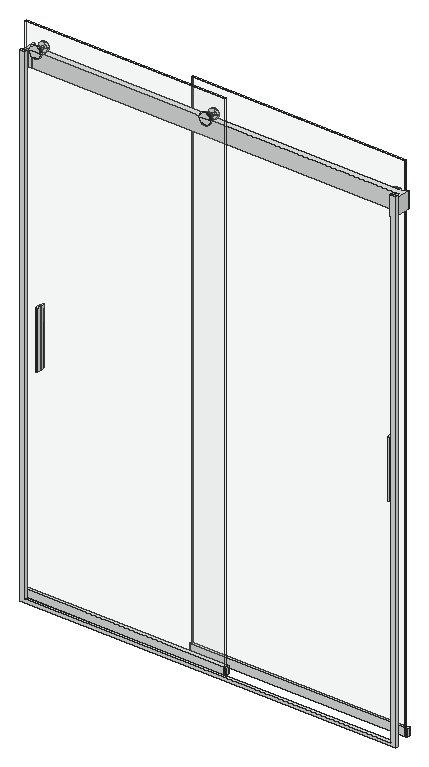
Revit family "Shower-Shower_Door-KOHLER-Levity-K-706013_1", category Specialty Equipment, host Face, Revit 2015
Parameters (values of type "SHP - Bright Polished Silver")
  Width [instance] = 59 5/8"
  URL = "https://www.us.kohler.com/us/"
  Type = 1
  Product Page URL = "http://www.us.kohler.com/us/catalog/productDetails.jsp?productNumber=706013-L"
  Product Name = "Levity"  # constant formula
  Product Documentation Link = "http://www.us.kohler.com/onlinecatalog/pdf/K-706013-L_spec.pdf"
  Model = if(Type = 1, "K-706013-L-SHP", if(Type = 2, "K-706013-L-NX", if(Type = 3, "K-706013-L-ABV", if(Type = 4, "K-706013-L-ABZ", "NA"))))  # "K-706013-L-SHP"
  Material = "Anodized Aluminum"  # constant formula
  MasterFormat 2004 = "10.28.13"  # constant formula
  MasterFormat 1995 = "10820"  # constant formula
  Manufacturer Address = "444 Highland Dr, Kohler, WI 53044"  # constant formula
  Manufacturer = "KOHLER Co."  # constant formula
  Length = 3 1/16"  # constant formula
  Height = 82"  # constant formula
  Glass Material = Kohler-Glass-L-Crystal_Clear
  Finish = Kohler-Metal-SHP-Bright_Polished_Silver
  Environmental Product Declaration = ""
  Description = "Sliding shower door, 82 inch H x 56-5/8 - 59-5/8 inch W, with 3/8 inch thick Crystal Clear glass and blade handles"  # constant formula
  Default Elevation = 0"
  Declare Label = ""
  Date Modified = "10/31/2018"  # constant formula
  Date Created = "10/31/2018"  # constant formula
  Copyright = "Copyright KOHLER Co."  # constant formula
  Contact Us = "https://www.us.kohler.com/us/static/contact.jsp"
  Assembly Code = "C1030200"
  ADA Compliant = 1 = 0  # no
Reference planes (in)
  plane 1 "Center (Front/Back)": y = 0
  plane 2: z = 0
  plane 3 "Center (Left/Right)": x = 0
  plane 4: y = -3.0625
  plane 5: x = -28.3125
  plane 6: x = 31.3125
  plane 7: z = 82
Dimensions and locks (in)
  "Length": plane 4 to plane 1 "Center (Front/Back)"
  "Width": plane 5 to plane 6
  "Height": plane 7 to level
  aligned and locked: plane 2 to host face
  aligned and locked: level to host face
Automatic sketch dimensions
  host sketch curve to host sketch curve = 96"  (x2)
Nested families (in)
  nested 1: "K-706013" at (0, -3.18343, 0), type "K-706013"
Definition of nested family "K-706013"
  Parameters (values of type "K-706013")
    Width = 59 5/8"
    Material = none
    Glass Width = Width - (5/16" + 5/16")  # 59"
    Glass Material = none
  Reference planes (in)
    plane 1 "Center (Front/Back)": y = 0
    plane 2: z = 0
    plane 3 "Center (Left/Right)": x = 0
    plane 4: x = 3.74999
    plane 5: x = -2.9965
    plane 6: x = -28.0035
    plane 7: x = 30.9965
    plane 8: x = -28.3125
    plane 9: x = 31.3125
    plane 10: x = 3.75
    plane 11: z = 82
    plane 12: z = 74.9375
    plane 13: y = 3.18343
    plane 14: y = 0.12093
  Forms (in)
    Extrusion 1, solid, material <- "Material", detail levels medium+fine
      sketch origin (0, 0, 0) x (1, 0, 0) y (0, 0, 1)
        loop
          line (-27.54374, 0.5) -> (-27.54374, 78.29429)
          arc (-27.54374, 78.29429) -> (-27.5537, 78.31862) -> (-27.57785, 78.329) r 0.03472
          line (-27.57785, 78.329) -> (-28.29156, 78.34146)
          arc (-28.29156, 78.34146) -> (-28.30634, 78.33556) -> (-28.3125, 78.32088) r 0.02058
          line (-28.3125, 78.32088) -> (-28.3125, 0) -> (31.3125, 0) -> (31.3125, 78.34182) -> (30.3543, 78.3251)
          arc (30.3543, 78.3251) -> (30.3396, 78.31878) -> (30.33354, 78.30398) r 0.02113
          line (30.33354, 78.30398) -> (30.33354, 75.38344)
          arc (30.33354, 75.38344) -> (30.3406, 75.3662) -> (30.35772, 75.35884) r 0.02461
          line (30.35772, 75.35884) -> (30.54379, 75.35559) -> (30.54379, 0.5) -> (-27.54374, 0.5)
      from -0.52093 to -0.12093
    Extrusion 2, solid, material <- "Glass Material", detail levels medium+fine
      sketch origin (0, 0, 0) x (1, 0, 0) y (0, 1, 0)
        loop
          line (30.9365, 2.48198) -> (30.9965, 2.54198) -> (30.9965, 2.80298) -> (30.9365, 2.86298) -> (-2.9365, 2.86298) -> (-2.9965, 2.80298) -> (-2.9965, 2.54198) -> (-2.9365, 2.48198) -> (30.9365, 2.48198)
        loop
          line (3.68999, 0.67213) -> (3.74999, 0.73213) -> (3.74999, 0.99313) -> (3.68999, 1.05313) -> (-27.9435, 1.05313) -> (-28.0035, 0.99313) -> (-28.0035, 0.73213) -> (-27.9435, 0.67213) -> (3.68999, 0.67213)
      from 0.5 to 82.32671
    Extrusion 3, solid, material <- "Material", detail levels medium+fine
      sketch origin (0, 0, 0) x (1, 0, 0) y (0, 1, 0)
        loop
          arc (30.3265, 1.23354) -> (30.33322, 1.21711) -> (30.34953, 1.2101) r 0.02344
          line (30.34953, 1.2101) -> (30.97347, 1.19921)
          arc (30.97347, 1.19921) -> (30.98978, 1.1922) -> (30.9965, 1.17578) r 0.02344
          line (30.9965, 1.17578) -> (30.9965, 0.70141)
          arc (30.9965, 0.70141) -> (31.00322, 0.68498) -> (31.01953, 0.67797) r 0.02344
          line (31.01953, 0.67797) -> (31.28966, 0.67326)
          arc (31.28966, 0.67326) -> (31.30579, 0.67969) -> (31.3125, 0.6957) r 0.02245
          line (31.3125, 0.6957) -> (31.3125, 2.69891)
          arc (31.3125, 2.69891) -> (31.30549, 2.71562) -> (31.28865, 2.72234) r 0.02344
          line (31.28865, 2.72234) -> (30.89927, 2.71554)
          arc (30.89927, 2.71554) -> (30.88297, 2.70854) -> (30.87625, 2.69211) r 0.02344
          line (30.87625, 2.69211) -> (30.87625, 2.33386)
          arc (30.87625, 2.33386) -> (30.86952, 2.31743) -> (30.85322, 2.31043) r 0.02344
          line (30.85322, 2.31043) -> (30.34953, 2.30164)
          arc (30.34953, 2.30164) -> (30.33322, 2.29463) -> (30.3265, 2.2782) r 0.02344
          line (30.3265, 2.2782) -> (30.3265, 2.23681) -> (-27.3335, 2.23681) -> (-27.3335, 2.31208)
          arc (-27.3335, 2.31208) -> (-27.34022, 2.32851) -> (-27.35653, 2.33552) r 0.02344
          line (-27.35653, 2.33552) -> (-27.98231, 2.34644)
          arc (-27.98231, 2.34644) -> (-27.99731, 2.35289) -> (-28.0035, 2.36801) r 0.02157
          line (-28.0035, 2.36801) -> (-28.0035, 2.69421)
          arc (-28.0035, 2.69421) -> (-28.01022, 2.71064) -> (-28.02653, 2.71764) r 0.02344
          line (-28.02653, 2.71764) -> (-28.28865, 2.72222)
          arc (-28.28865, 2.72222) -> (-28.30549, 2.7155) -> (-28.3125, 2.69878) r 0.02344
          line (-28.3125, 2.69878) -> (-28.3125, 0.69683)
          arc (-28.3125, 0.69683) -> (-28.30549, 0.68012) -> (-28.28865, 0.6734) r 0.02344
          line (-28.28865, 0.6734) -> (-28.02625, 0.67798)
          arc (-28.02625, 0.67798) -> (-28.01014, 0.6849) -> (-28.0035, 0.70113) r 0.02315
          line (-28.0035, 0.70113) -> (-28.0035, 1.17733)
          arc (-28.0035, 1.17733) -> (-27.99723, 1.19265) -> (-27.98202, 1.19918) r 0.02186
          line (-27.98202, 1.19918) -> (-27.35485, 1.21013)
          arc (-27.35485, 1.21013) -> (-27.33973, 1.21663) -> (-27.3335, 1.23185) r 0.02173
          line (-27.3335, 1.23185) -> (-27.3335, 1.29881) -> (30.3265, 1.29881) -> (30.3265, 1.23354)
      from 75.574 to 78.143
    Revolve 4, solid, material <- "Material", detail levels medium+fine
      sketch origin (0, 0, 78.78125) x (1, 0, 0) y (0, 1, 0)
        loop
          line (-26.66592, 0.37913) -> (-26.90065, 0.37913) -> (-26.94086, 0.33891) -> (-26.94086, 0.21216) -> (-26.90083, 0.17213) -> (-26.0035, 0.17213) -> (-26.0035, 1.19442) -> (-26.0035, 2.0778) -> (-26.66891, 2.0778)
          arc (-26.66891, 2.0778) -> (-26.68451, 2.07471) -> (-26.69776, 2.06594) r 0.04102
          line (-26.69776, 2.06594) -> (-26.72587, 2.03812) -> (-26.7285, 1.7708) -> (-26.2135, 1.7708) -> (-26.2135, 1.6118) -> (-26.1235, 1.6118) -> (-26.1235, 1.05313) -> (-26.3567, 1.05313) -> (-26.3567, 0.66942) -> (-26.66336, 0.66942) -> (-26.66592, 0.37913)
        axis (-26.0035, 2.0778) -> (-26.0035, 0.17213)
      angle from 0 to 360
    Revolve 5, solid, material <- "Material", detail levels medium+fine
      sketch origin (27, 0, 78.78125) x (1, 0, 0) y (0, 1, 0)
        loop
          line (-26.66592, 0.37913) -> (-26.90065, 0.37913) -> (-26.94086, 0.33891) -> (-26.94086, 0.21216) -> (-26.90083, 0.17213) -> (-26.0035, 0.17213) -> (-26.0035, 1.23784) -> (-26.0035, 2.0778) -> (-26.66891, 2.0778)
          arc (-26.66891, 2.0778) -> (-26.68451, 2.07471) -> (-26.69776, 2.06594) r 0.04102
          line (-26.69776, 2.06594) -> (-26.72587, 2.03812) -> (-26.7285, 1.7708) -> (-26.2135, 1.7708) -> (-26.2135, 1.6118) -> (-26.1235, 1.6118) -> (-26.1235, 1.3618) -> (-26.09183, 1.3618) -> (-26.09183, 1.05313) -> (-26.3567, 1.05313) -> (-26.3567, 0.66942) -> (-26.66336, 0.66942) -> (-26.66592, 0.37913)
        axis (-26.0035, 2.0778) -> (-26.0035, 0.17213)
      angle from 0 to 360
    Revolve 6, solid, material <- "Material", detail levels medium+fine
      sketch origin (0, 0, 76.64744) x (1, 0, 0) y (0, 1, 0)
        loop
          line (-1.89336, 3.36298) -> (-1.93399, 3.32235) -> (-1.93399, 3.19635) -> (-1.89362, 3.15598) -> (-1.65939, 3.15598) -> (-1.6528, 2.48198) -> (-0.9965, 2.48198) -> (-0.9965, 3.36298) -> (-1.89336, 3.36298)
        axis (-0.9965, 3.36298) -> (-0.9965, 2.48198)
      angle from 0 to 360
    Revolve 7, solid, material <- "Material", detail levels medium+fine
      sketch origin (27, 0, 76.64744) x (1, 0, 0) y (0, 1, 0)
        loop
          line (1.09964, 3.36298) -> (1.05901, 3.32235) -> (1.05901, 3.19635) -> (1.09938, 3.15598) -> (1.33361, 3.15598) -> (1.3402, 2.48198) -> (1.9965, 2.48198) -> (1.9965, 3.36298) -> (1.09964, 3.36298)
        axis (1.9965, 3.36298) -> (1.9965, 2.48198)
      angle from 0 to 360
    Extrusion 8, solid, material <- "Material", detail levels medium+fine
      sketch origin (0, 0, 0) x (1, 0, 0) y (0, 1, 0)
        loop
          line (31.0425, 2.93248) -> (-3.0315, 2.93248) -> (-3.24445, 2.91385)
          arc (-3.24445, 2.91385) -> (-3.28508, 2.89381) -> (-3.3015, 2.85158) r 0.0625
          line (-3.3015, 2.85158) -> (-3.3015, 2.49477)
          arc (-3.3015, 2.49477) -> (-3.28468, 2.45151) -> (-3.24305, 2.43098) r 0.06403
          line (-3.24305, 2.43098) -> (-3.0315, 2.41248) -> (31.0425, 2.41248) -> (31.25454, 2.43103)
          arc (31.25454, 2.43103) -> (31.29582, 2.45138) -> (31.3125, 2.49428) r 0.06349
          line (31.3125, 2.49428) -> (31.3125, 2.85276)
          arc (31.3125, 2.85276) -> (31.29642, 2.89412) -> (31.25662, 2.91374) r 0.06122
          line (31.25662, 2.91374) -> (31.0425, 2.93248)
        loop
          line (3.70338, 1.12263) -> (-28.0385, 1.12263) -> (-28.25545, 1.10365)
          arc (-28.25545, 1.10365) -> (-28.29608, 1.08361) -> (-28.3125, 1.04138) r 0.0625
          line (-28.3125, 1.04138) -> (-28.3125, 0.68387)
          arc (-28.3125, 0.68387) -> (-28.29608, 0.64164) -> (-28.25545, 0.62161) r 0.0625
          line (-28.25545, 0.62161) -> (-28.0385, 0.60263) -> (3.70338, 0.60263) -> (4.00483, 0.629)
          arc (4.00483, 0.629) -> (4.0459, 0.64925) -> (4.06249, 0.69193) r 0.06317
          line (4.06249, 0.69193) -> (4.06249, 1.03515)
          arc (4.06249, 1.03515) -> (4.04642, 1.07648) -> (4.00665, 1.09609) r 0.06118
          line (4.00665, 1.09609) -> (3.70338, 1.12263)
      from 0.5 to 1.67671
    Extrusion 9, solid, material <- "Material", detail levels medium+fine
      sketch origin (0, 0, 0) x (1, 0, 0) y (0, 1, 0)
        loop
          line (28.64372, 1.95984) -> (28.84977, 1.95984)
          arc (28.84977, 1.95984) -> (28.86875, 1.96702) -> (28.8782, 1.98498) r 0.02864
          line (28.8782, 1.98498) -> (28.93922, 2.48198) -> (28.55378, 2.48198) -> (28.61474, 1.98547)
          arc (28.61474, 1.98547) -> (28.62438, 1.96716) -> (28.64372, 1.95984) r 0.0292
        loop
          line (28.93869, 2.86298) -> (28.87787, 3.35831)
          arc (28.87787, 3.35831) -> (28.86941, 3.3744) -> (28.85241, 3.38084) r 0.02565
          line (28.85241, 3.38084) -> (28.64378, 3.38084)
          arc (28.64378, 3.38084) -> (28.62439, 3.37349) -> (28.61474, 3.35514) r 0.02926
          line (28.61474, 3.35514) -> (28.55431, 2.86298) -> (28.93869, 2.86298)
        loop
          line (-25.62194, 0.174) -> (-25.56078, 0.67213) -> (-25.94622, 0.67213) -> (-25.88526, 0.17566)
          arc (-25.88526, 0.17566) -> (-25.87561, 0.15733) -> (-25.85624, 0.14999) r 0.02924
          line (-25.85624, 0.14999) -> (-25.64908, 0.14999)
          arc (-25.64908, 0.14999) -> (-25.63097, 0.15685) -> (-25.62194, 0.174) r 0.02734
        loop
          line (-25.56131, 1.05313) -> (-25.62194, 1.54697)
          arc (-25.62194, 1.54697) -> (-25.63097, 1.56412) -> (-25.64908, 1.57099) r 0.02734
          line (-25.64908, 1.57099) -> (-25.85792, 1.57099)
          arc (-25.85792, 1.57099) -> (-25.87603, 1.56412) -> (-25.88506, 1.54697) r 0.02734
          line (-25.88506, 1.54697) -> (-25.94569, 1.05313) -> (-25.56131, 1.05313)
      from 33.40196 to 42.44674
    Extrusion 10, solid, material <- "Material", detail levels coarse
      sketch origin (0, 0, 0) x (1, 0, 0) y (0, 0, 1)
        loop
          line (-27.54374, 0.5) -> (-27.54374, 78.34182) -> (-28.3125, 78.34182) -> (-28.3125, 0) -> (31.3125, 0) -> (31.3125, 78.34182) -> (30.54379, 78.34182) -> (30.54379, 0.5) -> (-27.54374, 0.5)
      from -0.52093 to -0.12093
    Extrusion 11, solid, material <- "Glass Material", detail levels coarse
      sketch origin (0, 0, 0) x (1, 0, 0) y (0, 1, 0)
        loop
          line (30.9965, 2.48198) -> (30.9965, 2.86298) -> (-2.9965, 2.86298) -> (-2.9965, 2.48198) -> (30.9965, 2.48198)
        loop
          line (3.74999, 0.67213) -> (3.74999, 1.05313) -> (-28.0035, 1.05313) -> (-28.0035, 0.67213) -> (3.74999, 0.67213)
      from 0 to 82.32671
    Extrusion 12, solid, material <- "Material", detail levels coarse
      sketch origin (0, 0, 0) x (1, 0, 0) y (0, 1, 0)
        loop
          line (28.55378, 1.95984) -> (28.93922, 1.95984) -> (28.93922, 2.48198) -> (28.55378, 2.48198) -> (28.55378, 1.95984)
        loop
          line (28.93869, 3.38084) -> (28.55431, 3.38084) -> (28.55431, 2.86298) -> (28.93869, 2.86298) -> (28.93869, 3.38084)
        loop
          line (-25.94622, 0.14999) -> (-25.56078, 0.14999) -> (-25.56078, 0.67213) -> (-25.94622, 0.67213) -> (-25.94622, 0.14999)
        loop
          line (-25.56131, 1.05313) -> (-25.56131, 1.57099) -> (-25.94569, 1.57099) -> (-25.94569, 1.05313) -> (-25.56131, 1.05313)
      from 33.40196 to 42.44674
    Extrusion 13, solid, material <- "Material", detail levels coarse
      sketch origin (0, 0, 0) x (1, 0, 0) y (0, 1, 0)
        loop
          line (31.3125, 0.6957) -> (31.3125, 2.69891)
          arc (31.3125, 2.69891) -> (31.30549, 2.71562) -> (31.28865, 2.72234) r 0.02344
          line (31.28865, 2.72234) -> (30.89927, 2.71554) -> (30.89927, 2.36801) -> (-28.0035, 2.36801) -> (-28.0035, 2.69421)
          arc (-28.0035, 2.69421) -> (-28.01022, 2.71064) -> (-28.02653, 2.71764) r 0.02344
          line (-28.02653, 2.71764) -> (-28.28865, 2.72222)
          arc (-28.28865, 2.72222) -> (-28.30549, 2.7155) -> (-28.3125, 2.69878) r 0.02344
          line (-28.3125, 2.69878) -> (-28.3125, 0.69683)
          arc (-28.3125, 0.69683) -> (-28.30549, 0.68012) -> (-28.28865, 0.6734) r 0.02344
          line (-28.28865, 0.6734) -> (-28.02625, 0.67798)
          arc (-28.02625, 0.67798) -> (-28.01014, 0.6849) -> (-28.0035, 0.70113) r 0.02315
          line (-28.0035, 0.70113) -> (-28.0035, 1.17733) -> (30.89927, 1.17733) -> (30.89927, 0.68007) -> (31.28966, 0.67326)
          arc (31.28966, 0.67326) -> (31.30579, 0.67969) -> (31.3125, 0.6957) r 0.02245
      from 75.574 to 78.143
    Extrusion 14, solid, material <- "Material", detail levels coarse
      sketch origin (0, 0, 0) x (1, 0, 0) y (0, 1, 0)
        loop
          line (31.3125, 2.93248) -> (-3.3015, 2.93248) -> (-3.3015, 2.41248) -> (31.3125, 2.41248) -> (31.3125, 2.93248)
        loop
          line (4.06249, 1.12263) -> (-28.3125, 1.12263) -> (-28.3125, 0.60263) -> (4.06249, 0.60263) -> (4.06249, 1.12263)
      from 0.5 to 1.67671
  Cuts and joins
    joined: Extrusion 1, Extrusion 3, Revolve 4, Revolve 5, Revolve 6, Revolve 7, Extrusion 8, Extrusion 9
    joined: Extrusion 10, Extrusion 12, Extrusion 13, Extrusion 14
  Lines and regions (in)
    Masking region 1
      outline origin (0, 0, 0) x (1, 0, 0) y (0, 0, 1)
        loop
          line (-28.0035, 82) -> (-28.0035, 78.33643) -> (-28.3125, 78.34183) -> (-28.3125, 0) -> (31.3125, 0) -> (31.3125, 78.34182) -> (30.9965, 78.33631) -> (30.9965, 82) -> (-28.0035, 82)
    Masking region 2
      outline origin (0, 0, 0) x (1, 0, 0) y (0, 1, 0)
        loop
          line (-28.3125, 2.69878) -> (-28.3125, 0.68387)
          arc (-28.3125, 0.68387) -> (-28.29608, 0.64164) -> (-28.25545, 0.62161) r 0.0625
          line (-28.25545, 0.62161) -> (-28.0385, 0.60263) -> (-26.66336, 0.60263) -> (-26.66336, 0.52093) -> (-28.3125, 0.52093) -> (-28.3125, 0.12093) -> (31.3125, 0.12093) -> (31.3125, 0.52093) -> (1.65636, 0.52093) -> (1.65636, 0.60263) -> (3.70338, 0.60263) -> (4.00483, 0.629)
          arc (4.00483, 0.629) -> (4.0459, 0.64925) -> (4.06249, 0.69193) r 0.06317
          line (4.06249, 0.69193) -> (4.06249, 1.03515)
          arc (4.06249, 1.03515) -> (4.04642, 1.07648) -> (4.00665, 1.09609) r 0.06118
          line (4.00665, 1.09609) -> (3.70338, 1.12263) -> (1.08483, 1.12263) -> (1.08483, 1.29881) -> (30.3265, 1.29881) -> (30.3265, 1.23354)
          arc (30.3265, 1.23354) -> (30.33322, 1.21711) -> (30.34953, 1.2101) r 0.02344
          line (30.34953, 1.2101) -> (30.97347, 1.19921)
          arc (30.97347, 1.19921) -> (30.98978, 1.1922) -> (30.9965, 1.17578) r 0.02344
          line (30.9965, 1.17578) -> (30.9965, 0.70141)
          arc (30.9965, 0.70141) -> (31.00322, 0.68498) -> (31.01953, 0.67797) r 0.02344
          line (31.01953, 0.67797) -> (31.28966, 0.67326)
          arc (31.28966, 0.67326) -> (31.30579, 0.67969) -> (31.3125, 0.6957) r 0.02245
          line (31.3125, 0.6957) -> (31.3125, 2.85276)
          arc (31.3125, 2.85276) -> (31.29642, 2.89412) -> (31.25662, 2.91374) r 0.06122
          line (31.25662, 2.91374) -> (31.0425, 2.93248) -> (29.65712, 2.93248) -> (29.65743, 2.9646) -> (29.89362, 2.9646) -> (29.93399, 3.00498) -> (29.93399, 3.13097) -> (29.89336, 3.1716) -> (29.10555, 3.1716) -> (28.9965, 3.1716) -> (28.89049, 3.1716)
          arc (28.89049, 3.1716) -> (28.87235, 3.18041) -> (28.85241, 3.18343) r 0.06721
          line (28.85241, 3.18343) -> (28.64378, 3.18343)
          arc (28.64378, 3.18343) -> (28.62384, 3.18041) -> (28.6057, 3.1716) r 0.06721
          line (28.6057, 3.1716) -> (28.09964, 3.1716) -> (28.05901, 3.13097) -> (28.05901, 3.00498) -> (28.09938, 2.9646) -> (28.33361, 2.9646) -> (28.33393, 2.93248) -> (-0.33361, 2.93248) -> (-0.33361, 2.9646) -> (-0.09938, 2.9646) -> (-0.05901, 3.00498) -> (-0.05901, 3.13097) -> (-0.09964, 3.1716) -> (-1.89336, 3.1716) -> (-1.93399, 3.13097) -> (-1.93399, 3.00498) -> (-1.89362, 2.9646) -> (-1.65939, 2.9646) -> (-1.65939, 2.93248) -> (-3.0315, 2.93248) -> (-3.24445, 2.91385)
          arc (-3.24445, 2.91385) -> (-3.28508, 2.89381) -> (-3.3015, 2.85158) r 0.0625
          line (-3.3015, 2.85158) -> (-3.3015, 2.49477)
          arc (-3.3015, 2.49477) -> (-3.28468, 2.45151) -> (-3.24305, 2.43098) r 0.06403
          line (-3.24305, 2.43098) -> (-3.0315, 2.41248) -> (28.56232, 2.41248) -> (28.58388, 2.23681) -> (-27.3335, 2.23681) -> (-27.3335, 2.31208)
          arc (-27.3335, 2.31208) -> (-27.34022, 2.32851) -> (-27.35653, 2.33552) r 0.02344
          line (-27.35653, 2.33552) -> (-27.98231, 2.34644)
          arc (-27.98231, 2.34644) -> (-27.99731, 2.35289) -> (-28.0035, 2.36801) r 0.02157
          line (-28.0035, 2.36801) -> (-28.0035, 2.69421)
          arc (-28.0035, 2.69421) -> (-28.01022, 2.71064) -> (-28.02653, 2.71764) r 0.02344
          line (-28.02653, 2.71764) -> (-28.28865, 2.72222)
          arc (-28.28865, 2.72222) -> (-28.30549, 2.7155) -> (-28.3125, 2.69878) r 0.02344
        loop
          line (-28.0035, 1.12263) -> (-26.1235, 1.12263) -> (-26.1235, 1.29881) -> (-27.3335, 1.29881) -> (-27.3335, 1.23185)
          arc (-27.3335, 1.23185) -> (-27.33973, 1.21663) -> (-27.35485, 1.21013) r 0.02173
          line (-27.35485, 1.21013) -> (-27.98202, 1.19918)
          arc (-27.98202, 1.19918) -> (-27.99723, 1.19265) -> (-28.0035, 1.17733) r 0.02186
          line (-28.0035, 1.17733) -> (-28.0035, 1.12263)
        loop
          line (30.87625, 2.41248) -> (28.93068, 2.41248) -> (28.90912, 2.23681) -> (30.3265, 2.23681) -> (30.3265, 2.2782)
          arc (30.3265, 2.2782) -> (30.33322, 2.29463) -> (30.34953, 2.30164) r 0.02344
          line (30.34953, 2.30164) -> (30.85322, 2.31043)
          arc (30.85322, 2.31043) -> (30.86952, 2.31743) -> (30.87625, 2.33386) r 0.02344
          line (30.87625, 2.33386) -> (30.87625, 2.41248)
        loop
          line (-25.34364, 0.60263) -> (-25.34364, 0.52093) -> (0.33664, 0.52093) -> (0.33664, 0.60263) -> (-25.34364, 0.60263)
        loop
          line (0.90817, 1.12263) -> (0.90817, 1.29881) -> (-25.59147, 1.29881) -> (-25.56984, 1.12263) -> (0.90817, 1.12263)
    Masking region 3
      outline origin (0, 0, 0) x (0, 1, 0) y (0, 0, 1)
        loop
          line (0.67213, 82) -> (0.67213, 79.44109) -> (0.37913, 79.44374) -> (0.37913, 79.6784) -> (0.33893, 79.7186) -> (0.21214, 79.7186) -> (0.17213, 79.67858) -> (0.17213, 78.34182) -> (0.12093, 78.34182) -> (0.12093, 0) -> (0.52093, 0) -> (0.52093, 33.40196) -> (0.67213, 33.40196) -> (0.67213, 1.67671) -> (0.60263, 1.67671) -> (0.60263, 0.5) -> (1.12263, 0.5) -> (1.12263, 1.67671) -> (1.05313, 1.67671) -> (1.05313, 33.40196) -> (1.57099, 33.40196) -> (1.57099, 42.44674) -> (1.05313, 42.44674) -> (1.05313, 75.574) -> (2.48198, 75.574) -> (2.48198, 42.44674) -> (1.95984, 42.44674) -> (1.95984, 33.40196) -> (2.48198, 33.40196) -> (2.48198, 1.67671) -> (2.41248, 1.67671) -> (2.41248, 0.5) -> (2.93248, 0.5) -> (2.93248, 1.67671) -> (2.86298, 1.67671) -> (2.86298, 33.40196) -> (3.18343, 33.40196) -> (3.18343, 42.44674) -> (2.86298, 42.44674) -> (2.86298, 75.98741) -> (2.97643, 75.98623) -> (2.97643, 75.75032) -> (3.01681, 75.70995) -> (3.1428, 75.70995) -> (3.18343, 75.75058) -> (3.18343, 77.54431) -> (3.1428, 77.58494) -> (3.01681, 77.58494) -> (2.97643, 77.54456) -> (2.97643, 77.30834) -> (2.86298, 77.30757) -> (2.86298, 82) -> (2.48198, 82) -> (2.48198, 78.143) -> (2.07771, 78.143) -> (2.07771, 79.44432)
          arc (2.07771, 79.44432) -> (2.07419, 79.46216) -> (2.06415, 79.47732) r 0.04692
          line (2.06415, 79.47732) -> (2.03812, 79.50362) -> (1.7708, 79.50625) -> (1.7708, 78.99125) -> (1.6118, 78.99125) -> (1.6118, 78.90124) -> (1.05313, 78.90124) -> (1.05313, 82) -> (0.67213, 82)
        loop
          line (0.67213, 42.44674) -> (0.67213, 78.12144) -> (0.52093, 78.12024) -> (0.52093, 42.44674) -> (0.67213, 42.44674)
        loop
          line (1.05313, 78.143) -> (1.7708, 78.143) -> (1.7708, 78.57125) -> (1.6118, 78.57125) -> (1.6118, 78.66125) -> (1.05313, 78.66125) -> (1.05313, 78.143)
    symbolic lines, detail levels medium+fine
      curve 1: line (-27.54374, 0, 78.29429) -> (-27.54374, 0, 0)
      curve 2: arc (-27.54374, 0, 78.29429) -> (-27.5537, 0, 78.31862) -> (-27.57785, 0, 78.329) r 0.03472
      curve 3: line (-27.57785, 0, 78.329) -> (-28.0035, 0, 78.33643)
      curve 4: line (-27.54374, 0, 0.5) -> (30.54379, 0, 0.5)
      curve 5: line (-27.54374, 0, 1.67671) -> (3.74999, 0, 1.67671)
      curve 6: line (3.75, 0, 82) -> (3.74999, 0, 0.5)
      curve 7: line (30.33354, 0, 78.30398) -> (30.33354, 0, 75.38344)
      curve 8: arc (30.3543, 0, 78.3251) -> (30.3396, 0, 78.31878) -> (30.33354, 0, 78.30398) r 0.02113
      curve 9: line (30.3543, 0, 78.3251) -> (30.9965, 0, 78.33631)
      curve 10: arc (30.33354, 0, 75.38344) -> (30.3406, 0, 75.3662) -> (30.35772, 0, 75.35884) r 0.02461
      curve 11: line (30.35772, 0, 75.35884) -> (30.54379, 0, 75.35559)
      curve 12: line (30.54379, 0, 75.35559) -> (30.54379, 0, 0)
      curve 13: line (30.54379, 0, 74.9375) -> (3.75, 0, 74.9375)
      curve 14: line (30.3543, 0, 78.3251) -> (3.75, 0, 78.3251)
      curve 15: line (3.74999, 0, 1.67671) -> (4.06249, 0, 1.67671)
      curve 16: line (4.06249, 0, 1.67671) -> (4.06249, 0, 0.5)
      curve 17: line (0.00002, 0, 0.5) -> (0.00002, 0, 1.25)
      curve 18: line (0.00002, 0, 1.25) -> (3.39736, 0, 1.25)
      curve 19: line (3.39736, 0, 1.25) -> (3.39736, 0, 0.5)
      curve 20: line (-25.94622, 0, 33.40196) -> (-25.94622, 0, 42.44674)
      curve 21: line (-25.56078, 0, 42.44674) -> (-25.56078, 0, 33.40196)
      curve 22: line (-25.94622, 0, 42.44674) -> (-25.56078, 0, 42.44674)
      curve 23: line (-25.94622, 0, 33.40196) -> (-25.56078, 0, 33.40196)
      curve 24: line (28.55431, 0, 33.40196) -> (28.93869, 0, 33.40196)
      curve 25: line (28.93869, 0, 33.40196) -> (28.93869, 0, 42.44674)
      curve 26: line (28.93869, 0, 42.44674) -> (28.55431, 0, 42.44674)
      curve 27: line (28.55431, 0, 42.44674) -> (28.55431, 0, 33.40196)
      curve 28: circle (-26.0035, 0, 78.78125) r 0.93736 normal (0, -1, 0)
      curve 29: circle (0.9965, 0, 78.78125) r 0.93736 normal (0, -1, 0)
      curve 30: line (-27.54374, 0.52093, 0) -> (-27.54374, 0.12093, 0)
      curve 31: line (-28.0035, 0.99313, 0) -> (-28.0035, 0.73213, 0)
      curve 32: line (-28.0035, 0.73213, 0) -> (-27.9435, 0.67213, 0)
      curve 33: line (-28.0035, 0.99313, 0) -> (-27.9435, 1.05313, 0)
      curve 34: line (-27.9435, 1.05313, 0) -> (3.68999, 1.05313, 0)
      curve 35: line (3.68999, 1.05313, 0) -> (3.74999, 0.99313, 0)
      curve 36: line (3.74999, 0.99313, 0) -> (3.74999, 0.73213, 0)
      curve 37: line (3.74999, 0.73213, 0) -> (3.68999, 0.67213, 0)
      curve 38: line (3.68999, 0.67213, 0) -> (-27.9435, 0.67213, 0)
      curve 39: line (-28.02625, 0.67798, 0) -> (-28.28865, 0.6734, 0)
      curve 40: arc (-28.3125, 0.69683, 0) -> (-28.30549, 0.68012, 0) -> (-28.28865, 0.6734, 0) r 0.02344
      curve 41: arc (-28.02625, 0.67798, 0) -> (-28.01014, 0.6849, 0) -> (-28.0035, 0.70113, 0) r 0.02315
      curve 42: line (-28.0035, 0.70113, 0) -> (-28.0035, 0.73213, 0)
      curve 43: line (-28.0035, 0.99313, 0) -> (-28.0035, 1.17733, 0)
      curve 44: line (-2.9965, 2.80298, 0) -> (-2.9365, 2.86298, 0)
      curve 45: line (-2.9965, 2.80298, 0) -> (-2.9965, 2.54198, 0)
      curve 46: line (-2.9965, 2.54198, 0) -> (-2.9365, 2.48198, 0)
      curve 47: line (-2.9365, 2.48198, 0) -> (30.9365, 2.48198, 0)
      curve 48: line (30.9365, 2.48198, 0) -> (30.9965, 2.54198, 0)
      curve 49: line (30.9965, 2.54198, 0) -> (30.9965, 2.80298, 0)
      curve 50: line (30.9965, 2.80298, 0) -> (30.9365, 2.86298, 0)
      curve 51: line (30.9365, 2.86298, 0) -> (-2.9365, 2.86298, 0)
      curve 52: line (-1.65939, 2.9646, 0) -> (-0.33361, 2.9646, 0)
      curve 53: line (31.28865, 2.72234, 0) -> (30.9965, 2.71724, 0)
      curve 54: arc (31.3125, 2.69891, 0) -> (31.30549, 2.71562, 0) -> (31.28865, 2.72234, 0) r 0.02344
      curve 55: line (30.87625, 2.41248, 0) -> (30.87625, 2.48198, 0)
      curve 56: line (28.56232, 2.41248, 0) -> (28.93068, 2.41248, 0)
      curve 57: line (28.58388, 2.23681, 0) -> (28.90912, 2.23681, 0)
      curve 58: line (28.33361, 2.9646, 0) -> (29.65743, 2.9646, 0)
      curve 59: line (28.33393, 2.93248, 0) -> (29.65712, 2.93248, 0)
      curve 60: line (28.6057, 3.1716, 0) -> (28.89049, 3.1716, 0)
      curve 61: line (-1.65939, 2.93248, 0) -> (-0.33361, 2.93248, 0)
      curve 62: line (30.54379, 0.52093, 0) -> (30.54379, 0.12093, 0)
      curve 63: line (0.90817, 1.12263, 0) -> (0.90817, 1.05313, 0)
      curve 64: line (1.08483, 1.12263, 0) -> (1.08483, 1.05313, 0)
      curve 65: line (0.90817, 1.29881, 0) -> (0.90817, 1.3618, 0)
      curve 66: line (0.90817, 1.3618, 0) -> (0.8765, 1.3618, 0)
      curve 67: line (0.8765, 1.3618, 0) -> (0.8765, 1.6118, 0)
      curve 68: line (0.8765, 1.6118, 0) -> (0.7865, 1.6118, 0)
      curve 69: line (0.7865, 1.6118, 0) -> (0.7865, 1.7708, 0)
      curve 70: line (1.08483, 1.29881, 0) -> (1.08483, 1.3618, 0)
      curve 71: line (1.08483, 1.3618, 0) -> (1.1165, 1.3618, 0)
      curve 72: line (1.1165, 1.3618, 0) -> (1.1165, 1.6118, 0)
      curve 73: line (1.1165, 1.6118, 0) -> (1.2065, 1.6118, 0)
      curve 74: line (1.2065, 1.6118, 0) -> (1.2065, 1.7708, 0)
      curve 75: line (1.2065, 1.7708, 0) -> (1.7215, 1.7708, 0)
      curve 76: line (0.7865, 1.7708, 0) -> (0.2715, 1.7708, 0)
      curve 77: line (0.2715, 1.7708, 0) -> (0.27413, 2.03812, 0)
      curve 78: line (1.7215, 1.7708, 0) -> (1.71887, 2.03812, 0)
      curve 79: line (0.33095, 2.0778, 0) -> (1.6651, 2.0778, 0)
      curve 80: line (1.71887, 2.03812, 0) -> (1.68917, 2.06783, 0)
      curve 81: arc (1.6651, 2.0778, 0) -> (1.67813, 2.07521, 0) -> (1.68917, 2.06783, 0) r 0.03403
      curve 82: line (0.27413, 2.03812, 0) -> (0.30167, 2.06567, 0)
      curve 83: arc (0.30167, 2.06567, 0) -> (0.3151, 2.07464, 0) -> (0.33095, 2.0778, 0) r 0.04141
      curve 84: line (0.90817, 1.3618, 0) -> (1.08483, 1.3618, 0)
      curve 85: line (0.8765, 1.6118, 0) -> (1.1165, 1.6118, 0)
      curve 86: line (0.7865, 1.7708, 0) -> (1.2065, 1.7708, 0)
      curve 87: line (0.27413, 2.03812, 0) -> (1.71887, 2.03812, 0)
      curve 88: line (0.09935, 0.37913, 0) -> (1.89365, 0.37913, 0)
      curve 89: line (0.05914, 0.33891, 0) -> (1.93386, 0.33891, 0)
      curve 90: line (0.05914, 0.21216, 0) -> (1.93386, 0.21216, 0)
      curve 91: line (0.09917, 0.17213, 0) -> (1.89383, 0.17213, 0)
      curve 92: line (0.09917, 0.17213, 0) -> (0.05914, 0.21216, 0)
      curve 93: line (0.05914, 0.33891, 0) -> (0.09935, 0.37913, 0)
      curve 94: line (1.89383, 0.17213, 0) -> (1.93386, 0.21216, 0)
      curve 95: line (1.93386, 0.33891, 0) -> (1.89365, 0.37913, 0)
      curve 96: line (0.33664, 0.52093, 0) -> (0.33327, 0.37913, 0)
      curve 97: line (1.65636, 0.52093, 0) -> (1.65883, 0.37952, 0)
      curve 98: line (0.33664, 0.60263, 0) -> (0.33664, 0.67213, 0)
      curve 99: line (1.65636, 0.60263, 0) -> (1.65636, 0.67213, 0)
      curve 100: line (1.93386, 0.21216, 0) -> (1.93386, 0.33891, 0)
      curve 101: line (0.05914, 0.21216, 0) -> (0.05914, 0.33891, 0)
      curve 102: line (-25.8835, 1.29881, 0) -> (-25.59147, 1.29881, 0)
      curve 103: line (-26.1235, 1.12263, 0) -> (-25.56984, 1.12263, 0)
      curve 104: line (-26.66336, 0.60263, 0) -> (-26.66336, 0.67213, 0)
      curve 105: line (-25.34364, 0.60263, 0) -> (-25.34364, 0.67213, 0)
      curve 106: line (-26.94086, 0.33891, 0) -> (-26.90065, 0.37913, 0)
      curve 107: line (-26.94086, 0.33891, 0) -> (-26.94086, 0.21216, 0)
      curve 108: line (-26.94086, 0.21216, 0) -> (-26.90083, 0.17213, 0)
      curve 109: line (-26.90083, 0.17213, 0) -> (-25.10617, 0.17213, 0)
      curve 110: line (-25.10617, 0.17213, 0) -> (-25.06614, 0.21216, 0)
      curve 111: line (-25.06614, 0.21216, 0) -> (-25.06614, 0.33891, 0)
      curve 112: line (-25.06614, 0.33891, 0) -> (-25.10635, 0.37913, 0)
      curve 113: line (-25.10635, 0.37913, 0) -> (-26.90065, 0.37913, 0)
      curve 114: line (-26.94086, 0.33891, 0) -> (-25.06614, 0.33891, 0)
      curve 115: line (-26.94086, 0.21216, 0) -> (-25.06614, 0.21216, 0)
      curve 116: line (-25.85624, 0.14999, 0) -> (-25.64908, 0.14999, 0)
      curve 117: arc (-25.8846, 0.17213, 0) -> (-25.87423, 0.15618, 0) -> (-25.85624, 0.14999, 0) r 0.02924
      curve 118: arc (-25.64908, 0.14999, 0) -> (-25.63169, 0.15623, 0) -> (-25.62224, 0.17213, 0) r 0.02734
      curve 119: line (-26.66336, 0.52093, 0) -> (-26.66608, 0.37913, 0)
      curve 120: line (-25.34364, 0.52093, 0) -> (-25.3404, 0.37913, 0)
      curve 121: line (-25.8835, 1.6118, 0) -> (-25.8835, 1.12263, 0)
      curve 122: line (-26.1235, 1.6118, 0) -> (-26.1235, 1.29881, 0)
      curve 123: line (-26.7285, 1.7708, 0) -> (-25.2785, 1.7708, 0)
      curve 124: line (-26.2135, 1.6118, 0) -> (-25.7935, 1.6118, 0)
      curve 125: line (-26.2135, 1.6118, 0) -> (-26.2135, 1.7708, 0)
      curve 126: line (-25.7935, 1.6118, 0) -> (-25.7935, 1.7708, 0)
      curve 127: line (-25.28113, 2.03812, 0) -> (-26.72587, 2.03812, 0)
      curve 128: line (-26.7285, 1.7708, 0) -> (-26.72587, 2.03812, 0)
      curve 129: line (-25.2785, 1.7708, 0) -> (-25.28113, 2.03812, 0)
      curve 130: line (-26.66844, 2.0778, 0) -> (-25.34104, 2.0778, 0)
      curve 131: line (-25.28113, 2.03812, 0) -> (-25.30758, 2.06411, 0)
      curve 132: arc (-25.34104, 2.0778, 0) -> (-25.32297, 2.07424, 0) -> (-25.30758, 2.06411, 0) r 0.04774
      curve 133: line (-26.72587, 2.03812, 0) -> (-26.69876, 2.06524, 0)
      curve 134: arc (-26.69876, 2.06524, 0) -> (-26.68485, 2.07453, 0) -> (-26.66844, 2.0778, 0) r 0.04288
      curve 135: line (0, 0.67213, 1.67671) -> (0, 1.05313, 1.67671)
      curve 136: line (0, 2.48198, 1.67671) -> (0, 2.86298, 1.67671)
      curve 137: line (0, 0.52093, 33.40196) -> (0, 0.52093, 42.44674)
      curve 138: line (0, 0.52093, 78.12024) -> (0, 0.52093, 78.34182)
      curve 139: line (0, 0.52093, 78.34182) -> (0, 0.12093, 78.34182)
      curve 140: line (0, 0.37913, 79.44374) -> (0, 0.37913, 78.34182)
      curve 141: line (0, 0.21214, 79.7186) -> (0, 0.21214, 78.34182)
      curve 142: line (0, 0.33893, 79.7186) -> (0, 0.33893, 78.34182)
      curve 143: line (0, 1.05313, 42.44674) -> (0, 1.05313, 33.40196)
      curve 144: line (0, 2.48198, 42.44674) -> (0, 2.48198, 33.40196)
      curve 145: line (0, 2.86298, 42.44674) -> (0, 2.86298, 33.40196)
      curve 146: line (0, 0.67213, 42.44674) -> (0, 0.67213, 33.40196)
      curve 147: line (0, 2.97643, 77.30834) -> (0, 2.97643, 75.98623)
      curve 148: line (0, 2.86298, 77.30757) -> (0, 2.86298, 75.98741)
      curve 149: line (0, 3.01681, 77.58494) -> (0, 3.01681, 75.70995)
      curve 150: line (0, 3.1428, 75.70995) -> (0, 3.1428, 77.58494)
      curve 151: line (0, 2.71764, 78.143) -> (0, 2.71764, 75.574)
      curve 152: line (0, 2.48198, 75.574) -> (0, 2.71764, 75.574)
      curve 153: line (0, 2.71764, 78.143) -> (0, 2.48198, 78.143)
      curve 154: line (0, 2.07769, 78.143) -> (0, 1.7708, 78.143)
      curve 155: line (0, 1.05313, 78.143) -> (0, 0.66942, 78.143)
      curve 156: line (0, 0.66942, 78.12142) -> (0, 0.66942, 79.4425)
      curve 157: line (0, 1.05313, 75.574) -> (0, 0.67326, 75.574)
      curve 158: line (0, 1.05313, 78.90124) -> (0, 1.05313, 78.66125)
      curve 159: line (0, 1.6118, 78.90124) -> (0, 1.6118, 78.66125)
      curve 160: line (0, 1.7708, 78.99125) -> (0, 1.7708, 78.57125)
      curve 161: line (0, 2.03812, 79.50362) -> (0, 2.03812, 78.143)
  Dimensions and locks (in)
    locked: plane 5 to plane 4 at 6.74649
    "Glass Width": plane 6 to plane 7
    locked: Extrusion 2 sketch curve to Extrusion 2 sketch curve at 0.381  (x2)
    "Width": plane 9 to plane 8
    locked: Extrusion 2 to Extrusion 3 sketch curve at 0.316
    locked: Extrusion 9 sketch curve to Extrusion 3 at 2.75872
    locked: Revolve 7 sketch curve to plane 9 at 2.316
    plane 9 to Extrusion 2 = 27 9/16"
    plane 11 to level = 82"
    locked: plane 13 to plane 14 at 3.0625
    locked: Extrusion 11 sketch curve to Extrusion 11 sketch curve at 0.381  (x2)
    aligned and locked: plane 2 to level
    aligned and locked: plane 4 to Extrusion 2 sketch curve
    aligned and locked: plane 6 to Extrusion 2 sketch curve
    aligned and locked: Extrusion 2 sketch curve to plane 7
    aligned and locked: plane 9 to Extrusion 1 sketch curve
    aligned and locked: plane 9 to Extrusion 8 sketch curve
  Automatic sketch dimensions
    Extrusion 3 sketch curve to Extrusion 3 sketch curve = 0.26213"
    Extrusion 3 sketch curve to Extrusion 3 sketch curve = 0.26241"
    Extrusion 3 sketch curve to Extrusion 3 sketch curve = 0.00041"  (x11)
    Extrusion 3 sketch curve to Extrusion 3 sketch curve = 0.0004"
    Extrusion 3 sketch curve to Extrusion 3 sketch curve = 0.02119"
    Extrusion 3 sketch curve to Extrusion 3 sketch curve = 0.02148"
    Extrusion 3 sketch curve to Extrusion 3 sketch curve = 0.00038"  (x2)
    Extrusion 3 sketch curve to Extrusion 3 sketch curve = 0.02186"
    Extrusion 3 sketch curve to Extrusion 3 sketch curve = 0.62537"
    Extrusion 3 sketch curve to Extrusion 3 sketch curve = 0.62679"
    Extrusion 3 sketch curve to Extrusion 3 sketch curve = 3/128"  (x3)
    Extrusion 3 sketch curve to Extrusion 3 sketch curve = 0.02173"
    Extrusion 3 sketch curve to Extrusion 3 sketch curve = 0"  (x2)
    Extrusion 3 sketch curve to Extrusion 3 sketch curve = 0.02303"  (x4)
    Extrusion 3 sketch curve to plane 1 "Center (Front/Back)" = 0.67326"
    Extrusion 3 sketch curve to plane 1 "Center (Front/Back)" = 0.6734"
    Extrusion 3 sketch curve to Extrusion 3 sketch curve = 0.00472"
    Extrusion 3 sketch curve to Extrusion 3 sketch curve = 0.00458"  (x2)
    Extrusion 3 sketch curve to Extrusion 3 sketch curve = 0.47437"
    Extrusion 3 sketch curve to Extrusion 3 sketch curve = 0.4762"
    Extrusion 3 sketch curve to Extrusion 3 sketch curve = 0.01089"
    Extrusion 3 sketch curve to Extrusion 3 sketch curve = 0.01095"
    Extrusion 3 sketch curve to Extrusion 3 sketch curve = 0.06527"
    Extrusion 3 sketch curve to Extrusion 3 sketch curve = 0.938"
    Extrusion 3 sketch curve to Extrusion 3 sketch curve = 0.07527"
    Extrusion 3 sketch curve to Extrusion 3 sketch curve = 0.04139"
    Extrusion 3 sketch curve to Extrusion 3 sketch curve = 0.00879"
    Extrusion 3 sketch curve to Extrusion 3 sketch curve = 0.01092"
    Extrusion 3 sketch curve to Extrusion 3 sketch curve = 0.3262"
    Extrusion 3 sketch curve to Extrusion 3 sketch curve = 0.35825"
    Extrusion 3 sketch curve to Extrusion 3 sketch curve = 0.0068"
    Revolve 4 sketch curve to plane 1 "Center (Front/Back)" = 0.33891"
    Revolve 4 sketch curve to plane 1 "Center (Front/Back)" = 0.17213"
    Revolve 4 sketch curve to Revolve 4 sketch curve = 0.04003"  (x2)
    Revolve 4 sketch curve to plane 1 "Center (Front/Back)" = 0.37913"
    Revolve 4 sketch curve to Revolve 4 sketch curve = 0.04022"
    Revolve 4 sketch curve to Revolve 4 sketch curve = 0.17215"
    Revolve 4 sketch curve to Revolve 4 sketch curve = 0.00263"
    Revolve 4 sketch curve to Revolve 4 sketch curve = 0.02811"
    Revolve 4 sketch curve to Revolve 4 sketch curve = 0.02885"
    Revolve 4 sketch curve to Revolve 4 sketch curve = 0.23473"
    Revolve 4 sketch curve to Revolve 4 sketch curve = 0.00256"
    Revolve 4 sketch curve to Revolve 4 sketch curve = 0.30666"
    Revolve 4 sketch curve to Revolve 4 sketch curve = 0.09"
    Revolve 4 sketch curve to Revolve 4 sketch curve = 0.3532"
    Revolve 4 sketch curve to Revolve 4 sketch curve = 0.2903"
    Revolve 4 sketch curve to Revolve 4 sketch curve = 0.3837"
    Revolve 4 sketch curve to Revolve 4 sketch curve = 0.159"
    Revolve 4 sketch curve to Revolve 4 sketch curve = 0.26598"
    Revolve 4 sketch curve to Revolve 4 sketch curve = 0.00135"
    Revolve 4 sketch curve to Revolve 4 sketch curve = 0.02781"
    Revolve 4 sketch curve to Revolve 4 sketch curve = 0"  (x2)
    Revolve 4 sketch curve to plane 1 "Center (Front/Back)" = 0.03771"
    plane 3 "Center (Left/Right)" to Revolve 5 sketch curve = 0.05914"
    Revolve 5 sketch curve to Revolve 5 sketch curve = 0.04003"  (x2)
    Revolve 5 sketch curve to Revolve 5 sketch curve = 0.04022"  (x2)
    plane 3 "Center (Left/Right)" to Revolve 5 sketch curve = 0.2715"
    Revolve 5 sketch curve to Revolve 5 sketch curve = 0.00263"
    Revolve 5 sketch curve to Revolve 5 sketch curve = 0.02811"
    Revolve 5 sketch curve to Revolve 5 sketch curve = 0.02885"
    Revolve 5 sketch curve to Revolve 5 sketch curve = 0.23473"
    Revolve 5 sketch curve to Revolve 5 sketch curve = 0.00256"
    Revolve 5 sketch curve to Revolve 5 sketch curve = 0.30666"
    Revolve 5 sketch curve to Revolve 5 sketch curve = 0.515"
    Revolve 5 sketch curve to Revolve 5 sketch curve = 0.09"
    Revolve 5 sketch curve to Revolve 5 sketch curve = 0.21"
    Revolve 5 sketch curve to plane 1 "Center (Front/Back)" = 0.17213"
    Revolve 5 sketch curve to Revolve 5 sketch curve = 0.12675"
    Revolve 5 sketch curve to Revolve 5 sketch curve = 0.2903"
    Revolve 5 sketch curve to Revolve 5 sketch curve = 0.3837"
    Revolve 5 sketch curve to Revolve 5 sketch curve = 0.18471"
    Revolve 5 sketch curve to Revolve 5 sketch curve = 0.12396"
    Revolve 5 sketch curve to Revolve 5 sketch curve = 1/4"
    Revolve 5 sketch curve to Revolve 5 sketch curve = 0.159"
    Revolve 5 sketch curve to Revolve 5 sketch curve = 0.26598"
    Revolve 5 sketch curve to Revolve 5 sketch curve = 0.00135"
    Revolve 5 sketch curve to Revolve 5 sketch curve = 0.02781"
    Revolve 5 sketch curve to Revolve 5 sketch curve = 0.08833"
    Revolve 5 sketch curve to Revolve 5 sketch curve = 0"  (x2)
    Revolve 5 sketch curve to plane 1 "Center (Front/Back)" = 0.03771"
    Extrusion 9 sketch curve to plane 1 "Center (Front/Back)" = 0.67213"
    Extrusion 9 sketch curve to plane 1 "Center (Front/Back)" = 1.05313"
    Extrusion 9 sketch curve to Extrusion 9 sketch curve = 0.00053"  (x4)
    Extrusion 9 sketch curve to Extrusion 9 sketch curve = 0.06064"
    Extrusion 9 sketch curve to plane 1 "Center (Front/Back)" = 0.17566"
    Extrusion 9 sketch curve to Extrusion 9 sketch curve = 0.06096"  (x2)
    Extrusion 9 sketch curve to Extrusion 9 sketch curve = 0.02902"
    Extrusion 9 sketch curve to Extrusion 9 sketch curve = 0.02714"  (x3)
    Extrusion 9 sketch curve to Extrusion 9 sketch curve = 0.20883"
    Extrusion 9 sketch curve to Extrusion 9 sketch curve = 0.20716"
    Extrusion 9 sketch curve to plane 1 "Center (Front/Back)" = 1.54697"
    Extrusion 9 sketch curve to plane 1 "Center (Front/Back)" = 0.174"
    Extrusion 9 sketch curve to Extrusion 9 sketch curve = 0.38439"  (x2)
    Extrusion 9 sketch curve to Extrusion 9 sketch curve = 0.06043"
    Extrusion 9 sketch curve to Extrusion 9 sketch curve = 0.02898"
    Extrusion 9 sketch curve to Extrusion 9 sketch curve = 0.02905"
    Extrusion 9 sketch curve to Extrusion 9 sketch curve = 0.20605"
    Extrusion 9 sketch curve to Extrusion 9 sketch curve = 0.20863"
    Extrusion 9 sketch curve to Extrusion 9 sketch curve = 0.02546"
    Extrusion 9 sketch curve to plane 1 "Center (Front/Back)" = 1.98498"
    Extrusion 9 sketch curve to Extrusion 9 sketch curve = 0.02842"
    Extrusion 9 sketch curve to Extrusion 9 sketch curve = 0.02401"
    Extrusion 9 sketch curve to Extrusion 9 sketch curve = 0.00333"  (x2)
    Extrusion 9 sketch curve to Extrusion 9 sketch curve = 0.02515"
    Extrusion 9 sketch curve to Extrusion 9 sketch curve = 0.02564"
    Extrusion 9 sketch curve to Extrusion 9 sketch curve = 0.49699"
    Extrusion 9 sketch curve to Extrusion 9 sketch curve = 0.381"
    Extrusion 9 sketch curve to Extrusion 9 sketch curve = 0.4886"
    Extrusion 9 sketch curve to Extrusion 9 sketch curve = 0.00357"
    Extrusion 9 sketch curve to Extrusion 9 sketch curve = 0.02565"
    Extrusion 3 sketch curve to plane 3 "Center (Left/Right)" = 27.3335"
    Extrusion 3 sketch curve to Extrusion 3 sketch curve = 0.02275"
    Extrusion 3 sketch curve to plane 1 "Center (Front/Back)" = 2.71764"
    Extrusion 3 sketch curve to plane 1 "Center (Front/Back)" = 2.72222"
    Revolve 4 sketch curve to plane 3 "Center (Left/Right)" = 26.94086"
    Extrusion 9 sketch curve to plane 3 "Center (Left/Right)" = 25.56078"
    Extrusion 3 sketch curve to Extrusion 3 sketch curve = 0.62353"
    Extrusion 3 sketch curve to Extrusion 3 sketch curve = 0.50328"
    Extrusion 3 sketch curve to plane 1 "Center (Front/Back)" = 2.72234"
    Extrusion 3 sketch curve to Extrusion 3 sketch curve = 0.38938"
    Extrusion 3 sketch curve to Extrusion 3 sketch curve = 0.02284"
    Extrusion 3 sketch curve to Extrusion 3 sketch curve = 0.00039"
    Extrusion 1 sketch curve to Extrusion 1 sketch curve = 0.18564"
    Extrusion 1 sketch curve to Extrusion 1 sketch curve = 0.00043"
    Extrusion 1 sketch curve to plane 9 = 0.95783"
    Extrusion 1 sketch curve to Extrusion 1 sketch curve = 0.00037"
    Extrusion 1 sketch curve to Extrusion 1 sketch curve = 0.02461"
    Extrusion 1 sketch curve to Extrusion 1 sketch curve = 0.76871"
    plane 8 to Extrusion 1 sketch curve = 0.76876"
    Extrusion 1 sketch curve to Extrusion 1 sketch curve = 0.03411"
    Extrusion 1 sketch curve to Extrusion 1 sketch curve = 0.00061"
    plane 8 to Extrusion 1 sketch curve = 0.02094"
    plane 8 to Extrusion 1 sketch curve = 0.02058"
    Extrusion 1 sketch curve to plane 8 = 0"
    level to Extrusion 1 sketch curve = 75.35559"
    Extrusion 1 sketch curve to Extrusion 1 sketch curve = 0.00325"
    Extrusion 1 sketch curve to Extrusion 1 sketch curve = 2.92053"
    Extrusion 1 sketch curve to Extrusion 1 sketch curve = 0.02659"
    Extrusion 1 sketch curve to Extrusion 1 sketch curve = 0.01673"
    level to Extrusion 1 sketch curve = 1/2"
    Revolve 6 sketch curve to plane 3 "Center (Left/Right)" = 1.93399"
    Revolve 6 sketch curve to Revolve 6 sketch curve = 0.04037"  (x2)
    Revolve 6 sketch curve to Revolve 6 sketch curve = 0.04063"
    Revolve 6 sketch curve to Revolve 6 sketch curve = 0.23423"
    Revolve 6 sketch curve to Revolve 6 sketch curve = 0.00658"
    Revolve 6 sketch curve to Revolve 6 sketch curve = 0.66289"
    Revolve 6 sketch curve to plane 1 "Center (Front/Back)" = 2.48198"
    Revolve 6 sketch curve to Revolve 6 sketch curve = 0.674"
    Revolve 6 sketch curve to Revolve 6 sketch curve = 0.126"
    Revolve 6 sketch curve to Revolve 6 sketch curve = 0.207"
    Revolve 6 sketch curve to Revolve 6 sketch curve = 0"
    Revolve 6 sketch curve to Revolve 6 sketch curve = 0.119"
    Revolve 6 sketch curve to Revolve 6 sketch curve = 1/2"
    Revolve 7 sketch curve to Revolve 7 sketch curve = 0.6563"
    Revolve 7 sketch curve to Revolve 7 sketch curve = 0.00658"
    Revolve 7 sketch curve to Revolve 7 sketch curve = 0.23398"
    Revolve 7 sketch curve to Revolve 7 sketch curve = 0.00026"
    Revolve 7 sketch curve to Revolve 7 sketch curve = 0.04037"  (x2)
    Revolve 7 sketch curve to plane 1 "Center (Front/Back)" = 2.48198"
    Revolve 7 sketch curve to Revolve 7 sketch curve = 0.674"
    Revolve 7 sketch curve to Revolve 7 sketch curve = 0.126"
    Revolve 7 sketch curve to Revolve 7 sketch curve = 0.207"
    Revolve 7 sketch curve to Revolve 7 sketch curve = 0"
    Revolve 7 sketch curve to Revolve 7 sketch curve = 0.119"
    Revolve 7 sketch curve to Revolve 7 sketch curve = 1/2"
    Extrusion 8 sketch curve to plane 9 = 0.05588"
    Extrusion 8 sketch curve to plane 9 = 0.05796"
    Extrusion 8 sketch curve to Extrusion 8 sketch curve = 0.06122"
    Extrusion 8 sketch curve to plane 9 = 0.06349"
    Extrusion 8 sketch curve to plane 1 "Center (Front/Back)" = 0.69193"
    plane 3 "Center (Left/Right)" to Extrusion 8 sketch curve = 4 1/16"
    Extrusion 8 sketch curve to plane 1 "Center (Front/Back)" = 1.09609"
    Extrusion 8 sketch curve to Extrusion 8 sketch curve = 0.05584"
    Extrusion 8 sketch curve to plane 1 "Center (Front/Back)" = 0.629"
    Extrusion 8 sketch curve to Extrusion 8 sketch curve = 0.05766"
    Extrusion 8 sketch curve to Extrusion 8 sketch curve = 0.00533"
    Extrusion 8 sketch curve to Extrusion 8 sketch curve = 0.30146"
    Extrusion 8 sketch curve to Extrusion 8 sketch curve = 0.30328"
    Extrusion 8 sketch curve to plane 3 "Center (Left/Right)" = 3.0315"
    Extrusion 8 sketch curve to Extrusion 8 sketch curve = 0"  (x2)
    Extrusion 8 sketch curve to Extrusion 8 sketch curve = 0.20597"
    Extrusion 8 sketch curve to Extrusion 8 sketch curve = 0.2075"
    Extrusion 8 sketch curve to Extrusion 8 sketch curve = 0.00558"
    Extrusion 8 sketch curve to Extrusion 8 sketch curve = 0.00545"
    Extrusion 8 sketch curve to Extrusion 8 sketch curve = 1/16"
    plane 8 to Extrusion 8 sketch curve = 0.274"  (x2)
    plane 8 to Extrusion 8 sketch curve = 1/16"  (x2)
    plane 8 to Extrusion 8 sketch curve = 0.05705"  (x2)
    plane 8 to Extrusion 8 sketch curve = 0"
    Extrusion 8 sketch curve to plane 1 "Center (Front/Back)" = 0.62161"
    Extrusion 8 sketch curve to Extrusion 8 sketch curve = 0.02637"
    Extrusion 8 sketch curve to Extrusion 8 sketch curve = 0.35751"
    Extrusion 8 sketch curve to Extrusion 8 sketch curve = 0.02653"
    Extrusion 8 sketch curve to plane 1 "Center (Front/Back)" = 2.41248"
    Extrusion 8 sketch curve to Extrusion 8 sketch curve = 0.01851"
    Extrusion 8 sketch curve to Extrusion 8 sketch curve = 0.01855"
    Extrusion 8 sketch curve to Extrusion 8 sketch curve = 0.35682"
    Extrusion 8 sketch curve to Extrusion 8 sketch curve = 0.35848"
    Extrusion 8 sketch curve to Extrusion 8 sketch curve = 0.01863"
    Extrusion 8 sketch curve to Extrusion 8 sketch curve = 0.21204"
    Extrusion 1 sketch curve to Extrusion 1 sketch curve = 78.29429"
    Extrusion 1 sketch curve to level = 0"
    Revolve 4 sketch curve to Revolve 4 sketch curve = 0.21"
    Revolve 4 sketch curve to Revolve 4 sketch curve = 0.55867"
    Revolve 4 sketch curve to Revolve 4 sketch curve = 0.1413"
    Masking region 1 sketch curve to plane 8 = 0"
    Masking region 1 sketch curve to plane 9 = 0"
    Masking region 1 sketch curve to level = 0"
    Masking region 1 sketch curve to plane 9 = 0.316"
    plane 11 to Masking region 1 sketch curve = 0"
    Masking region 1 sketch curve to Masking region 1 sketch curve = 0.309"
    plane 12 to Masking region 1 sketch curve = 3.39881"
    plane 12 to Masking region 1 sketch curve = 3.39893"
    Masking region 1 sketch curve to Masking region 1 sketch curve = 0.00539"
    Masking region 1 sketch curve to Masking region 1 sketch curve = 0.00552"
    curve 1 to level = 0"
    curve 13 to plane 12 = 0"
    curve 14 to plane 10 = 0"
    curve 6 to plane 10 = 0"
    curve 12 to level = 0"
    curve 6 to plane 11 = 0"
    curve 19 to plane 10 = 0.35264"
    plane 3 "Center (Left/Right)" to curve 29 = 0.9965"
    plane 3 "Center (Left/Right)" to curve 18 = 0.00002"
    plane 8 to curve 22 = 2.75172"
    curve 20 to curve 21 = 0.38544"
    plane 8 to curve 28 = 2.309"
    plane 8 to curve 1 = 0.76876"
    curve 3 to curve 1 = 0.03411"
    curve 2 to curve 2 = 0.00061"
    plane 10 to curve 15 = 5/16"
    curve 27 to plane 9 = 2.75819"
    curve 26 to curve 26 = 0.38439"
    curve 7 to plane 9 = 0.97896"
    curve 7 to curve 14 = 0.02076"
    curve 7 to curve 8 = 0.02113"
    curve 7 to curve 11 = 0.02418"
    curve 7 to curve 10 = 0.02461"
    curve 10 to curve 11 = 0.18607"
    level to curve 19 = 1 1/4"
    curve 18 to curve 16 = 0.42671"
    level to curve 20 = 33.40196"
    level to curve 24 = 33.40196"
    curve 24 to curve 25 = 9.04478"
    curve 21 to curve 21 = 9.04478"
    curve 13 to curve 11 = 0.41809"
    curve 11 to curve 11 = 0.00325"
    plane 12 to curve 2 = 3.35679"
    curve 10 to curve 8 = 2.92053"
    curve 1 to curve 28 = 0.48696"
    curve 14 to curve 29 = 0.45615"
    curve 13 to plane 10 = 0"
    plane 8 to curve 3 = 0.309"
    curve 9 to plane 9 = 0.316"
    level to curve 16 = 1/2"
    curve 5 to curve 15 = 0"
    curve 8 to curve 9 = 0.01121"
    curve 3 to curve 3 = 0.00743"
    Masking region 2 sketch curve to plane 8 = 0"  (x2)
    Masking region 2 sketch curve to plane 13 = 0"
    Masking region 2 sketch curve to plane 9 = 0"  (x2)
    plane 14 to Masking region 2 sketch curve = 0"
    plane 8 to Masking region 2 sketch curve = 3/128"
    Masking region 2 sketch curve to Masking region 2 sketch curve = 0.00041"  (x8)
    plane 8 to Masking region 2 sketch curve = 0.05705"
    Masking region 2 sketch curve to Masking region 2 sketch curve = 0.00545"
    Masking region 2 sketch curve to Masking region 2 sketch curve = 0.21695"
    Masking region 2 sketch curve to Masking region 2 sketch curve = 0.26213"
    plane 8 to Masking region 2 sketch curve = 0.309"  (x2)
    Masking region 2 sketch curve to Masking region 2 sketch curve = 0.02119"
    Masking region 2 sketch curve to Masking region 2 sketch curve = 0.02148"
    Masking region 2 sketch curve to Masking region 2 sketch curve = 0.00038"  (x2)
    Masking region 2 sketch curve to Masking region 2 sketch curve = 0.02186"
    Masking region 2 sketch curve to Masking region 2 sketch curve = 0.62537"
    Masking region 2 sketch curve to Masking region 2 sketch curve = 0.62679"
    Masking region 2 sketch curve to Masking region 2 sketch curve = 0.02173"
    Masking region 2 sketch curve to Masking region 2 sketch curve = 3/128"  (x2)
    Masking region 2 sketch curve to plane 14 = 0.4"  (x3)
    Masking region 2 sketch curve to Masking region 2 sketch curve = 0.69148"
    Masking region 2 sketch curve to Masking region 2 sketch curve = 0.53986"
    Masking region 2 sketch curve to plane 14 = 1.17788"
    Masking region 2 sketch curve to Masking region 2 sketch curve = 0.53203"
    Masking region 2 sketch curve to plane 14 = 1.00169"
    Masking region 2 sketch curve to Masking region 2 sketch curve = 0.02163"
    Masking region 2 sketch curve to Masking region 2 sketch curve = 0.2262"
    Masking region 2 sketch curve to plane 13 = 0.33185"
    Masking region 2 sketch curve to plane 13 = 0.26959"
    Masking region 2 sketch curve to Masking region 2 sketch curve = 0.05705"
    Masking region 2 sketch curve to plane 13 = 0.75245"
    Masking region 2 sketch curve to Masking region 2 sketch curve = 0.05845"
    Masking region 2 sketch curve to Masking region 2 sketch curve = 0.00558"
    Masking region 2 sketch curve to Masking region 2 sketch curve = 0.21155"
    Masking region 2 sketch curve to plane 13 = 0.25096"  (x2)
    Masking region 2 sketch curve to Masking region 2 sketch curve = 0.21295"
    Masking region 2 sketch curve to plane 13 = 0.05246"  (x4)
    Masking region 2 sketch curve to Masking region 2 sketch curve = 1.09751"
    Masking region 2 sketch curve to plane 13 = 0.21883"  (x2)
    Masking region 2 sketch curve to Masking region 2 sketch curve = 0.04037"  (x6)
    Masking region 2 sketch curve to Masking region 2 sketch curve = 0.04063"  (x4)
    Masking region 2 sketch curve to Masking region 2 sketch curve = 0.23423"  (x2)
    Masking region 2 sketch curve to Masking region 2 sketch curve = 1.55975"
    Masking region 2 sketch curve to plane 3 "Center (Left/Right)" = 0.09938"
    Masking region 2 sketch curve to plane 3 "Center (Left/Right)" = 0.05901"
    plane 3 "Center (Left/Right)" to Masking region 2 sketch curve = 0.33664"
    Masking region 2 sketch curve to Masking region 2 sketch curve = 0.57153"  (x2)
    Masking region 2 sketch curve to Masking region 2 sketch curve = 0.17666"
    Masking region 2 sketch curve to plane 10 = 0.04662"  (x2)
    plane 10 to Masking region 2 sketch curve = 0.24933"
    plane 10 to Masking region 2 sketch curve = 0.25132"
    Masking region 2 sketch curve to Masking region 2 sketch curve = 0.00551"
    Masking region 2 sketch curve to Masking region 2 sketch curve = 0.00533"
    Masking region 2 sketch curve to Masking region 2 sketch curve = 0.06317"
    Masking region 2 sketch curve to plane 9 = 3.25349"
    Masking region 2 sketch curve to plane 13 = 0.01183"  (x3)
    Masking region 2 sketch curve to Masking region 2 sketch curve = 0.00031"  (x2)
    Masking region 2 sketch curve to plane 13 = 0.77096"
    Masking region 2 sketch curve to Masking region 2 sketch curve = 0.22839"
    Masking region 2 sketch curve to plane 13 = 0.94663"
    Masking region 2 sketch curve to Masking region 2 sketch curve = 0.02157"  (x2)
    Masking region 2 sketch curve to Masking region 2 sketch curve = 0.27209"
    Masking region 2 sketch curve to Masking region 2 sketch curve = 0.03808"
    Masking region 2 sketch curve to plane 13 = 0.06721"
    Masking region 2 sketch curve to Masking region 2 sketch curve = 0.20863"
    Masking region 2 sketch curve to Masking region 2 sketch curve = 0.32523"
    Masking region 2 sketch curve to Masking region 2 sketch curve = 0.10601"
    Masking region 2 sketch curve to Masking region 2 sketch curve = 0.10905"
    Masking region 2 sketch curve to Masking region 2 sketch curve = 0.55157"
    Masking region 2 sketch curve to Masking region 2 sketch curve = 0.23593"
